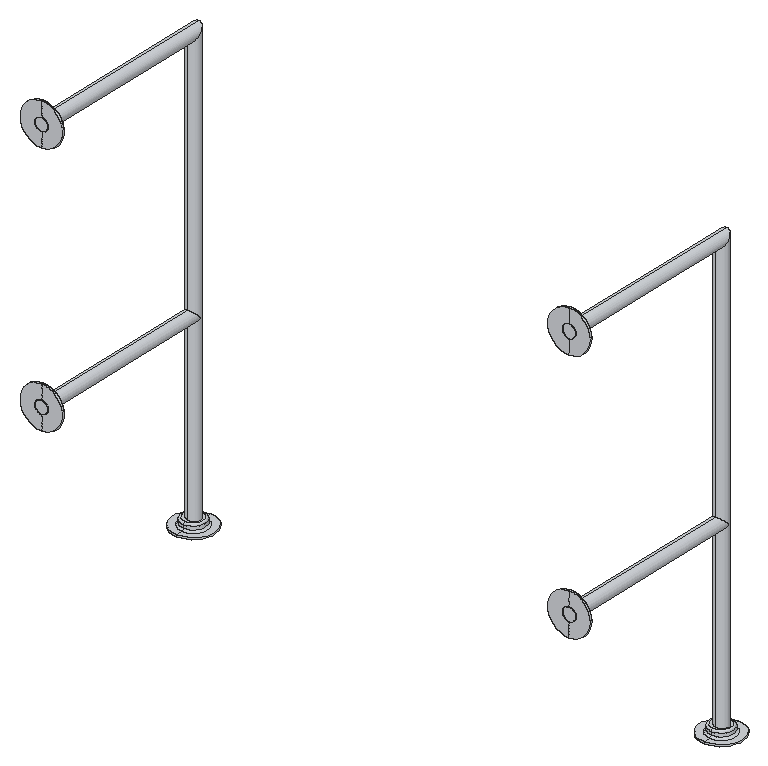
Revit family "Connectorail WF family", category Generic Models, host Wall, Revit 2023
Family settings
  Host = Wall
  Can host rebar = No
  Round Connector Dimension = Use Diameter
  Part Type = Normal
  Always vertical = Yes
  Cut with Voids When Loaded = No
  Maintain Annotation Orientation = No
  Shared = No
  Room Calculation Point = No
Parameters
  Water Fountain Dummy [instance] = yes
  URL = "https://www.juliusblum.com/"
  Right Railing [instance] = yes
  Railing Height CL [instance] = 3' - 6"
  Railing Depth off Wall [instance] = 1' - 6"
  Offset from Fountain CL [instance] = 2' - 1"
  Model = "Connectorail® Water Fountain Railing System"
  Manufacturer = "Julius Blum and Co.,Inc."
  Lower Rail Height [instance] = 1' - 6"
  Left Railing [instance] = yes
  Description = "Julius Blum and Co.,Inc. \r\nConnectorail® Water Fountain Railing system,\r\nIncludes the following part numbers - \r\nCover Flange /Floor Flange : 710\r\n90 Miter Elbow: 7411\r\n90 Tee Connection: 7440\r\nHigh Strength Connectorail® Post 50\": 7404\r\n\r\nSystem available in other pipe size and metals\r\nSystem also available in clear anodized, notated by \"-A\" \r\n\r\nFor Pipe Size 1 1/4 sch. 40"
  Default Elevation = 0' - 0"
Reference planes (in)
  plane 1: y = 0
  plane 2 "Center (Left/Right)": x = 0
  plane 3 "Wall Edge": y = 3
  plane 4: x = -25
  plane 5: x = 25
  plane 6: y = 21
  plane 7: z = 42
  plane 8: z = 18
Forms (in)
  Sweep 1, solid, visible <- "Left Railing"
    path origin (25, -3, 48) x (0, -1, 0) y (0, 0, 1)
      loop
        line (-6, -6) -> (-24, -6) -> (-24, -48)
    profile origin (25, 12, 42) x (0, 0, 1) y (1, 0, 0)
      loop
        circle (0, 0) r 0.625
  Sweep 2, solid, visible <- "Right Railing"
    path origin (-25, -3, 48) x (0, -1, 0) y (0, 0, 1)
      loop
        line (-6, -6) -> (-24, -6) -> (-24, -48)
    profile origin (-25, 12, 42) x (0, 0, -1) y (-1, 0, 0)
      loop
        circle (0, 0) r 0.625
  Sweep 3, solid, visible <- "Left Railing"
    path origin (25, -3, 48) x (0, -1, 0) y (0, 0, 1)
      loop
        line (-6, -30) -> (-24, -30)
    profile origin (25, 12, 18) x (0, 0, 1) y (1, 0, 0)
      loop
        circle (0, 0) r 0.625
  Sweep 4, solid, visible <- "Right Railing"
    path origin (-25, -3, 48) x (0, -1, 0) y (0, 0, 1)
      loop
        line (-6, -30) -> (-24, -30)
    profile origin (-25, 12, 18) x (0, 0, -1) y (-1, 0, 0)
      loop
        circle (0, 0) r 0.625
  Revolve 5, solid, visible <- "Left Railing"
    sketch origin (25, -3, 48) x (0, -1, 0) y (0, 0, 1)
      loop
        line (-6.14503, -4) -> (-6.14503, -4.68986)
        arc (-6.14503, -4.68986) -> (-6.20127, -4.82564) -> (-6.33704, -4.88188) r 0.19201
        line (-6.33704, -4.88188) -> (-6.61909, -4.88188)
        arc (-6.61909, -4.88188) -> (-6.7403, -4.93209) -> (-6.79051, -5.0533) r 0.17142
        line (-6.79051, -5.0533) -> (-6.79051, -5.375) -> (-6, -5.375) -> (-6, -4) -> (-6.14503, -4)
      axis (-6, -6) -> (-6.79051, -6)
    angle from 0 to 360
  Revolve 6, solid, visible <- "Left Railing"
    sketch origin (25, -3, 24) x (0, -1, 0) y (0, 0, 1)
      loop
        line (-6.14503, -4) -> (-6.14503, -4.68986)
        arc (-6.14503, -4.68986) -> (-6.20127, -4.82564) -> (-6.33704, -4.88188) r 0.19201
        line (-6.33704, -4.88188) -> (-6.61909, -4.88188)
        arc (-6.61909, -4.88188) -> (-6.7403, -4.93209) -> (-6.79051, -5.0533) r 0.17142
        line (-6.79051, -5.0533) -> (-6.79051, -5.375) -> (-6, -5.375) -> (-6, -4) -> (-6.14503, -4)
      axis (-6, -6) -> (-6.79051, -6)
    angle from 0 to 360
  Revolve 7, solid, visible <- "Right Railing"
    sketch origin (-25, -3, 48) x (0, -1, 0) y (0, 0, 1)
      loop
        line (-6.14503, -4) -> (-6.14503, -4.68986)
        arc (-6.14503, -4.68986) -> (-6.20127, -4.82564) -> (-6.33704, -4.88188) r 0.19201
        line (-6.33704, -4.88188) -> (-6.61909, -4.88188)
        arc (-6.61909, -4.88188) -> (-6.7403, -4.93209) -> (-6.79051, -5.0533) r 0.17142
        line (-6.79051, -5.0533) -> (-6.79051, -5.375) -> (-6, -5.375) -> (-6, -4) -> (-6.14503, -4)
      axis (-6, -6) -> (-6.79051, -6)
    angle from 0 to 360
  Revolve 8, solid, visible <- "Right Railing"
    sketch origin (-25, -3, 48) x (0, -1, 0) y (0, 0, 1)
      loop
        line (-6.14503, -28) -> (-6.14503, -28.68986)
        arc (-6.14503, -28.68986) -> (-6.20127, -28.82564) -> (-6.33704, -28.88188) r 0.19201
        line (-6.33704, -28.88188) -> (-6.61909, -28.88188)
        arc (-6.61909, -28.88188) -> (-6.7403, -28.93209) -> (-6.79051, -29.0533) r 0.17142
        line (-6.79051, -29.0533) -> (-6.79051, -29.375) -> (-6, -29.375) -> (-6, -28) -> (-6.14503, -28)
      axis (-6, -30) -> (-6.79051, -30)
    angle from 0 to 360
  Revolve 9, solid, visible <- "Left Railing"
    sketch origin (25, -3, 48) x (0, -1, 0) y (0, 0, 1)
      loop
        line (-22, -48) -> (-22, -47.85497) -> (-22.68771, -47.85497)
        arc (-22.68771, -47.85497) -> (-22.82082, -47.79983) -> (-22.87596, -47.66672) r 0.18825
        line (-22.87596, -47.66672) -> (-22.87596, -47.38086)
        arc (-22.87596, -47.38086) -> (-22.92615, -47.25968) -> (-23.04733, -47.20949) r 0.17137
        line (-23.04733, -47.20949) -> (-24, -47.20949) -> (-24, -48) -> (-22, -48)
      axis (-24, -48) -> (-24, -47.20949)
    angle from 0 to 360
  Revolve 10, solid, visible <- "Right Railing"
    sketch origin (-25, -3, 48) x (0, -1, 0) y (0, 0, 1)
      loop
        line (-22, -48) -> (-22, -47.85497) -> (-22.68771, -47.85497)
        arc (-22.68771, -47.85497) -> (-22.82082, -47.79983) -> (-22.87596, -47.66672) r 0.18825
        line (-22.87596, -47.66672) -> (-22.87596, -47.38086)
        arc (-22.87596, -47.38086) -> (-22.92615, -47.25968) -> (-23.04733, -47.20949) r 0.17137
        line (-23.04733, -47.20949) -> (-24, -47.20949) -> (-24, -48) -> (-22, -48)
      axis (-24, -48) -> (-24, -47.20949)
    angle from 0 to 360
Lines and regions (in)
  symbolic lines, visible <- "Water Fountain Dummy"
    curve 1: line (8, 20, 0) -> (-8, 20, 0)
    curve 2: line (-8, 20, 0) -> (-8, 3, 0)
    curve 3: line (8, 20, 0) -> (8, 3, 0)
Text (in)
  text "Placement Side" at (0, 40.15149, 123.01588), in view "Right"
  text "Placement Side" at (-70.3804, 28.46503, 0), in view "Ref. Level"
  text "Placement Side" at (0, 81.62555, 140.59947), in view "Left"
Dimensions and locks (in)
  locked: plane 3 "Wall Edge" to host wall
  "Offset from Fountain CL": plane 4 to plane 2 "Center (Left/Right)"
  "Offset from Fountain CL": plane 2 "Center (Left/Right)" to plane 5
  "Railing Depth off Wall": plane 3 "Wall Edge" to plane 6
  "Railing Height CL": plane 7 to level
  "Lower Rail Height": plane 8 to level
  Revolve 6 to Revolve 6 = 0' - 0.64548"
  aligned and locked: plane 7 to Sweep 1 sketch curve
  aligned and locked: Sweep 1 sketch curve to plane 6
  aligned and locked: plane 7 to Sweep 2 sketch curve
  aligned and locked: Sweep 2 sketch curve to plane 6
  aligned and locked: Sweep 3 sketch curve to plane 8
  aligned and locked: Sweep 4 sketch curve to plane 8
  aligned and locked: plane 7 to Revolve 5 sketch curve
  aligned and locked: Revolve 6 sketch curve to plane 8
  aligned and locked: Revolve 7 sketch curve to plane 7
  aligned and locked: plane 8 to Revolve 8 sketch curve
  aligned and locked: plane 6 to Revolve 9 sketch curve
  aligned and locked: plane 6 to Revolve 10 sketch curve
Automatic sketch dimensions
  curve 2 to host wall = 0' - 0"
  curve 3 to host wall = 0' - 0"
  curve 1 to plane 6 = 0' - 1"
  curve 1 to plane 2 "Center (Left/Right)" = 0' - 8"
  plane 2 "Center (Left/Right)" to curve 3 = 0' - 8"
  Sweep 1 sketch curve to plane 3 "Wall Edge" = 0' - 0"
  Sweep 1 sketch curve to level = 0' - 0"
  Sweep 1 sketch curve to plane 5 = 0' - 0"
  Sweep 1 sketch curve to profile plane = 0' - 0"
  Sweep 2 sketch curve to plane 3 "Wall Edge" = 0' - 0"
  Sweep 2 sketch curve to level = 0' - 0"
  plane 4 to Sweep 2 sketch curve = 0' - 0"
  Sweep 2 sketch curve to profile plane = 0' - 0"
  Sweep 3 sketch curve to plane 6 = 0' - 0"
  Sweep 3 sketch curve to plane 3 "Wall Edge" = 0' - 0"
  Sweep 3 sketch curve to plane 5 = 0' - 0"
  Sweep 3 sketch curve to profile plane = 0' - 0"
  Sweep 4 sketch curve to plane 6 = 0' - 0"
  Sweep 4 sketch curve to plane 3 "Wall Edge" = 0' - 0"
  plane 4 to Sweep 4 sketch curve = 0' - 0"
  Sweep 4 sketch curve to profile plane = 0' - 0"
  Revolve 5 sketch curve to host wall = 0' - 0"  (x2)
  Revolve 5 sketch curve to Revolve 5 sketch curve = 0' - 0.14503"
  Revolve 5 sketch curve to Revolve 5 sketch curve = 0' - 0.19201"
  Revolve 5 sketch curve to Revolve 5 sketch curve = 0' - 0.28205"
  Revolve 5 sketch curve to Revolve 5 sketch curve = 0' - 0.17142"
  plane 7 to Revolve 5 sketch curve = 0' - 0 5/8"
  Revolve 5 sketch curve to Revolve 5 sketch curve = 0' - 0.3217"
  Revolve 5 sketch curve to Revolve 5 sketch curve = 0' - 0.68986"
  plane 6 to Revolve 5 sketch curve = 0' - 4 1/2"
  Revolve 6 sketch curve to host wall = 0' - 0"  (x2)
  Revolve 6 sketch curve to Revolve 6 sketch curve = 0' - 0.14503"
  Revolve 6 sketch curve to Revolve 6 sketch curve = 0' - 0.19201"
  Revolve 6 sketch curve to Revolve 6 sketch curve = 0' - 0.28205"
  Revolve 6 sketch curve to Revolve 6 sketch curve = 0' - 0.17142"
  Revolve 6 sketch curve to plane 8 = 0' - 0 5/8"
  Revolve 6 sketch curve to Revolve 6 sketch curve = 0' - 0.3217"
  Revolve 6 sketch curve to Revolve 6 sketch curve = 0' - 0.68986"
  plane 6 to Revolve 6 sketch curve = 0' - 4 1/2"
  Revolve 7 sketch curve to host wall = 0' - 0"  (x2)
  Revolve 7 sketch curve to Revolve 7 sketch curve = 0' - 0.14503"
  Revolve 7 sketch curve to Revolve 7 sketch curve = 0' - 0.19201"
  Revolve 7 sketch curve to Revolve 7 sketch curve = 0' - 0.28205"
  Revolve 7 sketch curve to Revolve 7 sketch curve = 0' - 0.17142"
  Revolve 7 sketch curve to plane 7 = 0' - 0 5/8"
  Revolve 7 sketch curve to Revolve 7 sketch curve = 0' - 0.3217"
  Revolve 7 sketch curve to Revolve 7 sketch curve = 0' - 0.68986"
  Revolve 7 sketch curve to plane 6 = 0' - 4 1/2"
  Revolve 8 sketch curve to host wall = 0' - 0"  (x2)
  Revolve 8 sketch curve to Revolve 8 sketch curve = 0' - 0.14503"
  Revolve 8 sketch curve to Revolve 8 sketch curve = 0' - 0.19201"
  Revolve 8 sketch curve to Revolve 8 sketch curve = 0' - 0.28205"
  Revolve 8 sketch curve to Revolve 8 sketch curve = 0' - 0.17142"
  plane 8 to Revolve 8 sketch curve = 0' - 0 5/8"
  Revolve 8 sketch curve to Revolve 8 sketch curve = 0' - 0.3217"
  Revolve 8 sketch curve to Revolve 8 sketch curve = 0' - 0.68986"
  Revolve 8 sketch curve to plane 6 = 0' - 4 1/2"
  Revolve 9 sketch curve to plane 6 = 0' - 0"
  Revolve 9 sketch curve to level = 0' - 0"  (x2)
  plane 6 to Revolve 9 sketch curve = 0' - 0.95267"
  Revolve 9 sketch curve to Revolve 9 sketch curve = 0' - 0.17137"
  Revolve 9 sketch curve to Revolve 9 sketch curve = 0' - 0.18825"
  Revolve 9 sketch curve to level = 0' - 0.14503"
  Revolve 9 sketch curve to Revolve 9 sketch curve = 0' - 0.68771"
  Revolve 9 sketch curve to Revolve 9 sketch curve = 0' - 0.28586"
  Revolve 9 sketch curve to Revolve 9 sketch curve = 0' - 6.70949"
  Revolve 10 sketch curve to level = 0' - 0"  (x2)
  Revolve 10 sketch curve to plane 6 = 0' - 0"
  Revolve 10 sketch curve to plane 6 = 0' - 0.95267"
  Revolve 10 sketch curve to Revolve 10 sketch curve = 0' - 0.17137"
  Revolve 10 sketch curve to Revolve 10 sketch curve = 0' - 0.18825"
  level to Revolve 10 sketch curve = 0' - 0.14503"
  Revolve 10 sketch curve to Revolve 10 sketch curve = 0' - 0.68771"
  Revolve 10 sketch curve to Revolve 10 sketch curve = 0' - 0.28586"
  Revolve 10 sketch curve to Revolve 10 sketch curve = 0' - 6.70949"
  radius of Sweep 1 sketch curve = 0' - 0 5/8"
  radius of Sweep 2 sketch curve = 0' - 0 5/8"
  radius of Sweep 3 sketch curve = 0' - 0 5/8"
  radius of Sweep 4 sketch curve = 0' - 0 5/8"
